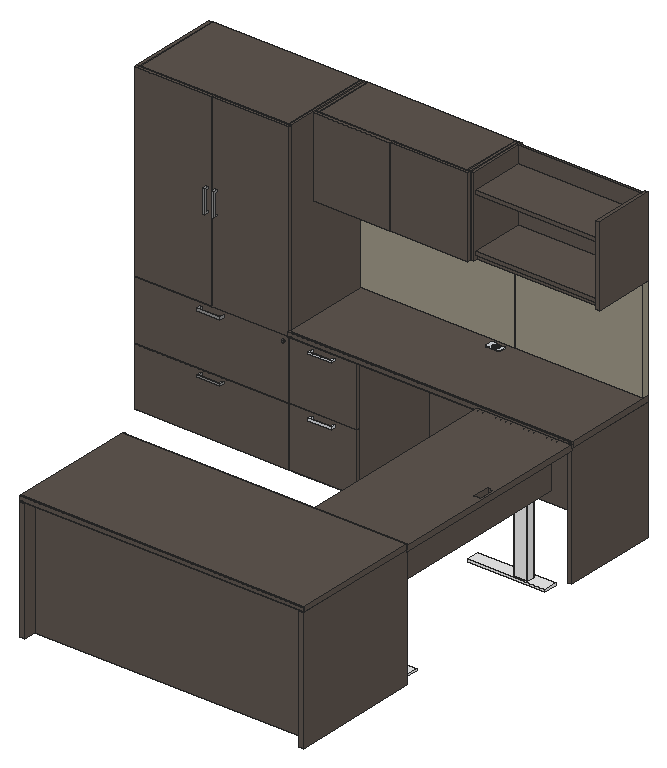
Revit family "T100257", category Furniture, Revit 2015
Parameters (values of type "T100257")
  URL = "https://ofs.com/"
  Manufacturer = "OFS"
  Description = "OFS TYPICAL T100257"
  Copyright © = "©OFS 2021"
  Catalog = "https://ofs.com/2020-experience"
  Authoring Version = "Autodesk Revit Architecture 2015"
  Assembly Code = "E2020400"
Reference planes (in)
  plane 1 "Center Front/Back": y = 0
  plane 2: z = 0
  plane 3 "Center Left/Right": x = 0
Dimensions and locks (in)
  aligned and locked: level to plane 2
Nested families (in)
  nested 1: "OFS ELEMENT OPEN L DESK LEFT AND RIGHT 84in Width 60in Return" at (102, 18.84375, 84), type "ELEMENT OPEN L DESK LEFT RETURN 84in Width 60in Return"
    with Right Desk Ovelay no, Left Desk Overlay no, Desk Overlay Option yes
  nested 2: "IMPULSE G2 HEIGHT ADJUSTABLE TABLE BRIDGES" at (66, 3, 0) x (0, -1, 0) z (0, 0, 1), type "Height Adjustable Table Desk 22x48"
    with Table Top Height 29 1/2", Modesty Option yes
  nested 3: "FIRST OFFICE-PULSE_STORAGE_WALLMNT_SHELF" at (51, 46, 0), type "PULSE-WALLMOUNT-SHELF_4-3019HSW"
  nested 4: "FIRST OFFICE-PULSE_STORAGE_WALLMNT_ORGANIZER_W-DOORS" at (18, 46, 0), type "PULSE-WALLMOUNT-ORGANIZER_4-3621HDW2"
    with 4 SOLID DRS no, 3 SOLID DRS no, 2 SOLID DRS yes
  nested 5: "FIRST OFFICE-PULSE_CREDENZA_SINGLE_PED_LEFT" at (33, 39, 0), type "PULSE_CREDENZA_SINGLE_PED_LEFT_4-6622FCRL"
    with TOP D SIZE yes, THICKNESS 1.188", CENTER GROMMET yes
  nested 6: "FIRST OFFICE-PULSE_DESK_SINGLE_PED_RIGHT" at (32.9048, -35.81953, 0) x (-1, 0, 0) z (0, 0, 1), type "PULSE_DESK_SNGL_PED_4-6630FRPD"
    with TOP D SIZE yes, THICKNESS 1.188"
  nested 7: "FIRST OFFICE-PULSE_TACKBOARDS_FOR_WALLMOUNT_ORGNZRS" at (19.00703, 40.24965, 0), type "PULSE_TACKBOARD_FOR_WALLMOUNT_FT2075"
  nested 8: "FIRST OFFICE-PULSE_TACKBOARDS_FOR_WALLMOUNT_ORGNZRS" at (52.00703, 40.24965, 0), type "PULSE_TACKBOARD_FOR_WALLMOUNT_FT2076"
  nested 9: "FIRST OFFICE-PULSE_STORAGE_CABINET_2-DOORS_LAT-FILE" at (-18, 46, 0), type "PULSE_STORAGE_CABINET_W-DOORS_LF_4-7236SCL"
Definition of nested family "IMPULSE G2 HEIGHT ADJUSTABLE TABLE BRIDGES"
  Parameters (values of type "Height Adjustable Table Desk 22x48")
    URL = "https://ofs.com/"
    Modesty Option [instance] = yes
    Model = "5-2248HAB"
    Leg Side Offset = 2 1/4"
    Leg Offset = 2"
    Leg Length = 18"
    Keynote = ""
    Height = 1 3/16"
    Foot Glide Material = none
    Flat Base Material = none
    Width = 48"
    Depth = 22"
    Manufacturer = "OFS"
    Description = "OFS IMPULSE G2 HEIGHT ADJUSTABLE TABLE BRIDGE, 48\" Width, 22\" Depth, Rectangular Top with Profile on User Side"
    Copyright © = "©OFS 2020"
    Top Surface Material = none
    Catalog = "https://ofs.com/products/casegoods/private-office/impulse-g2"
    Table Top Height [instance] = 29 1/2"
    Authoring Version = "Autodesk Revit Architecture 2015"
    Assembly Code = "E2020200"
  Types (3): name | Model | Width | Description
    (no name) | "5-2248HAB" | 48" | "OFS IMPULSE G2 HEIGHT ADJUSTABLE TABLE BRIDGE, 48\" Width, 22\" Depth, Rectangular Top with Profile on User Side"
    Height Adjustable Table Desk 22x42 | "5-2242HAB" | 42" | "OFS IMPULSE G2 HEIGHT ADJUSTABLE TABLE BRIDGE, 42\" Width, 22\" Depth, Rectangular Top with Profile on User Side"
    Height Adjustable Table Desk 22x48 | "5-2248HAB" | 48" | "OFS IMPULSE G2 HEIGHT ADJUSTABLE TABLE BRIDGE, 48\" Width, 22\" Depth, Rectangular Top with Profile on User Side"
  Reference planes (in)
    plane 1 "Center Front/Back": y = 0
    plane 2: z = 0
    plane 3 "Left/Right": x = 3
    plane 4: y = -22
    plane 5: x = -21
    plane 6: x = 27
    plane 7: z = 28.3125
    plane 8: z = 29.5
    plane 9: x = -18.75
    plane 10: x = -15.75
    plane 11: x = 24.75
    plane 12: x = 21.75
    plane 13: y = -2
    plane 14: y = -20
    plane 15: z = 27.34742
    plane 16: z = 26.50148
    plane 17: y = -4
    plane 18: y = -4.75
    plane 19: x = -20
    plane 20: x = 26
    plane 21: x = -18.25
    plane 22: x = 24.25
  Forms (in)
    Extrusion 1, solid, material <- "Top Surface Material"
      sketch origin (0, 0, 28.688) x (0, 1, 0) y (-1, 0, 0)
        loop
          line (0, 21) -> (-22, 21) -> (-22, -27) -> (0, -27) -> (0, 21)
      from -0.3755 to 0.812
    Extrusion 2, solid, material <- "Foot Glide Material"
      sketch origin (0, 0, 28.688) x (0, 1, 0) y (-1, 0, 0)
        loop
          circle (-3.3125, 17.25) r 0.6875
        loop
          circle (-18.6875, 17.25) r 0.6875
      from -28.688 to -28.233
    Extrusion 3, solid, material <- "Flat Base Material"
      sketch origin (0, 0, 28.688) x (0, 1, 0) y (-1, 0, 0)
        loop
          line (-2, 18.75) -> (-20, 18.75) -> (-20, 15.75) -> (-2, 15.75) -> (-2, 18.75)
      from -28.233 to -27.733
    Extrusion 4, solid, material <- "Foot Glide Material"
      sketch origin (6, 0, 28.688) x (0, 1, 0) y (-1, 0, 0)
        loop
          circle (-3.3125, -17.25) r 0.6875
        loop
          circle (-18.6875, -17.25) r 0.6875
      from -28.688 to -28.233
    Extrusion 5, solid, material <- "Flat Base Material"
      sketch origin (6, 0, 28.688) x (0, 1, 0) y (-1, 0, 0)
        loop
          line (-2, -18.75) -> (-2, -15.75) -> (-20, -15.75) -> (-20, -18.75) -> (-2, -18.75)
      from -28.233 to -27.733
    Extrusion 6, solid, material <- "Flat Base Material"
      sketch origin (12.13484, 0, 28.688) x (0, 1, 0) y (-1, 0, 0)
        loop
          line (-6.4252, -11.83662) -> (-6.4252, -10.11812)
          arc (-6.4252, -10.11812) -> (-6.46181, -10.02973) -> (-6.5502, -9.99312) r 0.125
          line (-6.5502, -9.99312) -> (-9.4498, -9.99312)
          arc (-9.4498, -9.99312) -> (-9.53819, -10.02973) -> (-9.5748, -10.11812) r 0.125
          line (-9.5748, -10.11812) -> (-9.5748, -11.83662)
          arc (-9.5748, -11.83662) -> (-9.53819, -11.92501) -> (-9.4498, -11.96162) r 0.125
          line (-9.4498, -11.96162) -> (-6.5502, -11.96162)
          arc (-6.5502, -11.96162) -> (-6.46181, -11.92501) -> (-6.4252, -11.83662) r 0.125
      from -27.733 to -2.18652
    Extrusion 7, solid, material <- "Flat Base Material"
      sketch origin (12.13484, 0, 28.688) x (0, 1, 0) y (-1, 0, 0)
        loop
          line (-6.09375, -11.78051) -> (-6.09375, -5.51675)
          arc (-6.09375, -5.51675) -> (-6.20119, -5.27063) -> (-6.45473, -5.1821) r 0.33561
          line (-6.45473, -5.1821) -> (-9.56496, -5.1821)
          arc (-9.56496, -5.1821) -> (-9.79716, -5.27288) -> (-9.90625, -5.49706) r 0.34239
          line (-9.90625, -5.49706) -> (-9.90625, -11.78051)
          arc (-9.90625, -11.78051) -> (-9.79881, -12.02663) -> (-9.54527, -12.11516) r 0.33561
          line (-9.54527, -12.11516) -> (-6.45473, -12.11516)
          arc (-6.45473, -12.11516) -> (-6.20861, -12.01863) -> (-6.09375, -11.78051) r 0.36201
      from -1.34058 to -0.3755
    Blend 8, solid, material <- "Flat Base Material"
      base sketch origin (12.13484, 0, 0) x (-1, 0, 0) y (0, -1, 0)
        loop
          arc (-11.83662, 9.5748) -> (-11.92501, 9.53819) -> (-11.96162, 9.4498) r 0.125
          line (-11.96162, 9.4498) -> (-11.96162, 6.5502)
          arc (-11.96162, 6.5502) -> (-11.92501, 6.46181) -> (-11.83662, 6.4252) r 0.125
          line (-11.83662, 6.4252) -> (-5.8071, 6.4252)
          arc (-5.8071, 6.4252) -> (-5.71871, 6.46181) -> (-5.6821, 6.5502) r 0.125
          line (-5.6821, 6.5502) -> (-5.6821, 9.4498)
          arc (-5.6821, 9.4498) -> (-5.71871, 9.53819) -> (-5.8071, 9.5748) r 0.125
          line (-5.8071, 9.5748) -> (-11.83662, 9.5748)
      top sketch origin (12.13484, 0, 0) x (-1, 0, 0) y (0, -1, 0)
        loop
          line (-11.78051, 6.09375) -> (-5.51675, 6.09375)
          arc (-5.51675, 6.09375) -> (-5.27063, 6.20119) -> (-5.1821, 6.45473) r 0.33561
          line (-5.1821, 6.45473) -> (-5.1821, 9.56496)
          arc (-5.1821, 9.56496) -> (-5.27288, 9.79716) -> (-5.49706, 9.90625) r 0.34239
          line (-5.49706, 9.90625) -> (-11.78051, 9.90625)
          arc (-11.78051, 9.90625) -> (-12.02663, 9.79881) -> (-12.11516, 9.54527) r 0.33561
          line (-12.11516, 9.54527) -> (-12.11516, 6.45473)
          arc (-12.11516, 6.45473) -> (-12.01863, 6.20861) -> (-11.78051, 6.09375) r 0.36201
      from 26.50148 to 27.34742
    Extrusion 9, solid, material <- "Flat Base Material"
      sketch origin (12.13484, 13.5, 0) x (1, 0, 0) y (0, 0, -1)
        loop
          line (12.11516, -28.3125) -> (13.36516, -28.3125) -> (13.36516, -28.1875) -> (12.24016, -28.1875) -> (12.24016, -27.0625) -> (12.11516, -27.0625) -> (12.11516, -28.3125)
      from -23.13999 to -19.99039
    Extrusion 10, void
      sketch origin (0, 0, 28.688) x (0, 1, 0) y (-1, 0, 0)
        loop
          line (-2, -1) -> (-2, -5) -> (-0.5, -5) -> (-0.5, -1) -> (-2, -1)
      from -6.62842 to 3.49565
    Extrusion 11, solid, material <- "Flat Base Material", not visible
      sketch origin (0, -4, 28.688) x (0, -1, 0) y (1, 0, 0)
        loop
          line (6.4252, 24.1063) -> (6.4252, 22.3878)
          arc (6.4252, 22.3878) -> (6.46181, 22.29941) -> (6.5502, 22.2628) r 0.125
          line (6.5502, 22.2628) -> (9.4498, 22.2628)
          arc (9.4498, 22.2628) -> (9.53819, 22.29941) -> (9.5748, 22.3878) r 0.125
          line (9.5748, 22.3878) -> (9.5748, 24.1063)
          arc (9.5748, 24.1063) -> (9.53819, 24.19469) -> (9.4498, 24.2313) r 0.125
          line (9.4498, 24.2313) -> (6.5502, 24.2313)
          arc (6.5502, 24.2313) -> (6.46181, 24.19469) -> (6.4252, 24.1063) r 0.125
      from -27.733 to -2.18652
    Extrusion 12, solid, material <- "Flat Base Material", not visible
      sketch origin (0, -4, 28.688) x (0, -1, 0) y (1, 0, 0)
        loop
          line (6.09375, 24.0502) -> (6.09375, 17.78643)
          arc (6.09375, 17.78643) -> (6.20119, 17.54031) -> (6.45473, 17.45178) r 0.33561
          line (6.45473, 17.45178) -> (9.56496, 17.45178)
          arc (9.56496, 17.45178) -> (9.79716, 17.54256) -> (9.90625, 17.76674) r 0.34239
          line (9.90625, 17.76674) -> (9.90625, 24.0502)
          arc (9.90625, 24.0502) -> (9.79881, 24.29631) -> (9.54527, 24.38484) r 0.33561
          line (9.54527, 24.38484) -> (6.45473, 24.38484)
          arc (6.45473, 24.38484) -> (6.20861, 24.28831) -> (6.09375, 24.0502) r 0.36201
      from -1.34058 to -0.3755
    Blend 13, solid, material <- "Flat Base Material", not visible
      base sketch origin (0, -4, 0) x (1, 0, 0) y (0, 1, 0)
        loop
          arc (24.1063, -9.5748) -> (24.19469, -9.53819) -> (24.2313, -9.4498) r 0.125
          line (24.2313, -9.4498) -> (24.2313, -6.5502)
          arc (24.2313, -6.5502) -> (24.19469, -6.46181) -> (24.1063, -6.4252) r 0.125
          line (24.1063, -6.4252) -> (18.07678, -6.4252)
          arc (18.07678, -6.4252) -> (17.98839, -6.46181) -> (17.95178, -6.5502) r 0.125
          line (17.95178, -6.5502) -> (17.95178, -9.4498)
          arc (17.95178, -9.4498) -> (17.98839, -9.53819) -> (18.07678, -9.5748) r 0.125
          line (18.07678, -9.5748) -> (24.1063, -9.5748)
      top sketch origin (0, -4, 0) x (1, 0, 0) y (0, 1, 0)
        loop
          line (24.0502, -6.09375) -> (17.78643, -6.09375)
          arc (17.78643, -6.09375) -> (17.54031, -6.20119) -> (17.45178, -6.45473) r 0.33561
          line (17.45178, -6.45473) -> (17.45178, -9.56496)
          arc (17.45178, -9.56496) -> (17.54256, -9.79716) -> (17.76674, -9.90625) r 0.34239
          line (17.76674, -9.90625) -> (24.0502, -9.90625)
          arc (24.0502, -9.90625) -> (24.29631, -9.79881) -> (24.38484, -9.54527) r 0.33561
          line (24.38484, -9.54527) -> (24.38484, -6.45473)
          arc (24.38484, -6.45473) -> (24.28831, -6.20861) -> (24.0502, -6.09375) r 0.36201
      from 26.50148 to 27.34742
    Extrusion 14, solid, material <- "Flat Base Material", not visible
      sketch origin (0, -17.5, 0) x (-1, 0, 0) y (0, 0, -1)
        loop
          line (-24.38484, -28.3125) -> (-24.38484, -27.0625) -> (-24.50984, -27.0625) -> (-24.50984, -28.1875) -> (-25.63484, -28.1875) -> (-25.63484, -28.3125) -> (-24.38484, -28.3125)
      from -23.13999 to -19.99039
    Extrusion 15, solid, material <- "Flat Base Material"
      sketch origin (6.13484, 0, 28.688) x (0, 1, 0) y (-1, 0, 0)
        loop
          arc (-6.4252, 24.1063) -> (-6.46181, 24.19469) -> (-6.5502, 24.2313) r 0.125
          line (-6.5502, 24.2313) -> (-9.4498, 24.2313)
          arc (-9.4498, 24.2313) -> (-9.53819, 24.19469) -> (-9.5748, 24.1063) r 0.125
          line (-9.5748, 24.1063) -> (-9.5748, 22.3878)
          arc (-9.5748, 22.3878) -> (-9.53819, 22.29941) -> (-9.4498, 22.2628) r 0.125
          line (-9.4498, 22.2628) -> (-6.5502, 22.2628)
          arc (-6.5502, 22.2628) -> (-6.46181, 22.29941) -> (-6.4252, 22.3878) r 0.125
          line (-6.4252, 22.3878) -> (-6.4252, 24.1063)
      from -27.733 to -2.18652
    Extrusion 16, solid, material <- "Flat Base Material"
      sketch origin (6.13484, 0, 28.688) x (0, 1, 0) y (-1, 0, 0)
        loop
          arc (-6.09375, 24.0502) -> (-6.20861, 24.28831) -> (-6.45473, 24.38484) r 0.36201
          line (-6.45473, 24.38484) -> (-9.54527, 24.38484)
          arc (-9.54527, 24.38484) -> (-9.79881, 24.29631) -> (-9.90625, 24.0502) r 0.33561
          line (-9.90625, 24.0502) -> (-9.90625, 17.76674)
          arc (-9.90625, 17.76674) -> (-9.79716, 17.54256) -> (-9.56496, 17.45178) r 0.34239
          line (-9.56496, 17.45178) -> (-6.45473, 17.45178)
          arc (-6.45473, 17.45178) -> (-6.20119, 17.54031) -> (-6.09375, 17.78643) r 0.33561
          line (-6.09375, 17.78643) -> (-6.09375, 24.0502)
      from -1.34058 to -0.3755
    Blend 17, solid, material <- "Flat Base Material"
      base sketch origin (6.13484, 0, 0) x (-1, 0, 0) y (0, -1, 0)
        loop
          line (24.1063, 9.5748) -> (18.07678, 9.5748)
          arc (18.07678, 9.5748) -> (17.98839, 9.53819) -> (17.95178, 9.4498) r 0.125
          line (17.95178, 9.4498) -> (17.95178, 6.5502)
          arc (17.95178, 6.5502) -> (17.98839, 6.46181) -> (18.07678, 6.4252) r 0.125
          line (18.07678, 6.4252) -> (24.1063, 6.4252)
          arc (24.1063, 6.4252) -> (24.19469, 6.46181) -> (24.2313, 6.5502) r 0.125
          line (24.2313, 6.5502) -> (24.2313, 9.4498)
          arc (24.2313, 9.4498) -> (24.19469, 9.53819) -> (24.1063, 9.5748) r 0.125
      top sketch origin (6.13484, 0, 0) x (-1, 0, 0) y (0, -1, 0)
        loop
          arc (24.0502, 6.09375) -> (24.28831, 6.20861) -> (24.38484, 6.45473) r 0.36201
          line (24.38484, 6.45473) -> (24.38484, 9.54527)
          arc (24.38484, 9.54527) -> (24.29631, 9.79881) -> (24.0502, 9.90625) r 0.33561
          line (24.0502, 9.90625) -> (17.76674, 9.90625)
          arc (17.76674, 9.90625) -> (17.54256, 9.79716) -> (17.45178, 9.56496) r 0.34239
          line (17.45178, 9.56496) -> (17.45178, 6.45473)
          arc (17.45178, 6.45473) -> (17.54031, 6.20119) -> (17.78643, 6.09375) r 0.33561
          line (17.78643, 6.09375) -> (24.0502, 6.09375)
      from 26.50148 to 27.34742
    Extrusion 18, solid, material <- "Flat Base Material"
      sketch origin (6.13484, 13.5, 0) x (1, 0, 0) y (0, 0, -1)
        loop
          line (-24.38484, -28.3125) -> (-24.38484, -27.0625) -> (-24.50984, -27.0625) -> (-24.50984, -28.1875) -> (-25.63484, -28.1875) -> (-25.63484, -28.3125) -> (-24.38484, -28.3125)
      from -23.13999 to -19.99039
    Extrusion 19, solid, material <- "Top Surface Material", visible <- "Modesty Option"
      sketch origin (-80, 0, 0) x (0, 1, 0) y (0, 0, 1)
        loop
          line (-4, 28.3125) -> (-4.75, 28.3125) -> (-4.75, 18.92236) -> (-4, 18.92236) -> (-4, 28.3125)
      from 60 to 106
  Cuts and joins
    Extrusion 10 cuts Extrusion 1
  Dimensions and locks (in)
    "Depth": plane 4 to plane 1 "Center Front/Back"
    equal spacing: plane 5, plane 3 "Left/Right", plane 6
    "Width": plane 5 to plane 6
    "Table Top Height": plane 8 to level
    "Height": plane 8 to plane 7
    Extrusion 2 to plane 7 = 27.8575"
    locked: plane 7 to plane 15 at 0.96508
    locked: plane 15 to plane 16 at 0.84594
    "Leg Offset": plane 1 "Center Front/Back" to plane 13
    "Leg Length": plane 13 to plane 14
    locked: plane 9 to plane 10 at 3
    locked: plane 12 to plane 11 at 3
    "Leg Side Offset": plane 5 to plane 9
    "Leg Side Offset": plane 11 to plane 6
    plane 18 to plane 17 to plane 1 "Center Front/Back" = 3/4" locked, 4"
    locked: plane 20 to plane 6 at 1
    locked: plane 5 to plane 21 at 2.75
    locked: plane 6 to plane 22 at 2.75
    locked: plane 5 to plane 19 at 1
    aligned and locked: level to plane 2
    aligned and locked: plane 6 to Extrusion 1 sketch curve
    aligned and locked: Extrusion 1 sketch curve to plane 5
    aligned and locked: plane 1 "Center Front/Back" to Extrusion 1 sketch curve
    aligned and locked: Extrusion 1 sketch curve to plane 4
    aligned and locked: Extrusion 1 to plane 7
    aligned and locked: plane 8 to Extrusion 1
    aligned and locked: Extrusion 3 sketch curve to plane 13
    aligned and locked: Extrusion 3 sketch curve to plane 9
    aligned and locked: plane 14 to Extrusion 3 sketch curve
    aligned and locked: plane 10 to Extrusion 3 sketch curve
    aligned and locked: Extrusion 2 to level
    aligned and locked: plane 7 to Extrusion 7
    aligned and locked: plane 16 to Blend 8
    aligned and locked: plane 15 to Blend 8
    aligned and locked: Extrusion 7 to plane 15
    aligned and locked: plane 16 to Extrusion 6
    aligned and locked: plane 21 to Extrusion 18
    aligned and locked: Extrusion 9 to plane 22
    aligned and locked: Extrusion 19 sketch curve to plane 17
    aligned and locked: plane 18 to Extrusion 19 sketch curve
    aligned and locked: Extrusion 19 sketch curve to plane 7
    aligned and locked: Extrusion 19 to plane 19
    aligned and locked: plane 20 to Extrusion 19
  Automatic sketch dimensions
    plane 14 to Extrusion 2 sketch curve = 1 5/16"
    Extrusion 2 sketch curve to plane 13 = 1 5/16"
    Extrusion 2 sketch curve to plane 9 = 1 1/2"  (x2)
    plane 14 to Extrusion 4 sketch curve = 1 5/16"
    Extrusion 4 sketch curve to plane 13 = 1 5/16"
    Extrusion 4 sketch curve to plane 11 = 1 1/2"  (x2)
    Extrusion 5 sketch curve to plane 11 = 0"
    Extrusion 5 sketch curve to plane 14 = 0"
    Extrusion 5 sketch curve to plane 13 = 0"
    Extrusion 5 sketch curve to plane 12 = 0"
    Extrusion 6 sketch curve to Extrusion 6 sketch curve = 1/8"  (x3)
    Extrusion 6 sketch curve to Extrusion 6 sketch curve = 2.8996"
    Extrusion 6 sketch curve to Extrusion 6 sketch curve = 0"
    Extrusion 7 sketch curve to Extrusion 7 sketch curve = 0.34129"
    Extrusion 7 sketch curve to Extrusion 7 sketch curve = 0.36098"  (x2)
    Extrusion 7 sketch curve to Extrusion 7 sketch curve = 3.11023"
    Extrusion 7 sketch curve to Extrusion 7 sketch curve = 3.45152"
    Extrusion 7 sketch curve to Extrusion 7 sketch curve = 0"  (x3)
    Extrusion 7 sketch curve to Extrusion 7 sketch curve = 0.02537"  (x2)
    Extrusion 7 sketch curve to Extrusion 7 sketch curve = 0.31496"
    Blend 8 sketch curve to Blend 8 sketch curve = 1/8"  (x3)
    Blend 8 sketch curve to Blend 8 sketch curve = 0"
    Blend 8 sketch curve to Blend 8 sketch curve = 2.8996"
    Blend 8 sketch curve to Blend 8 sketch curve = 0.33464"
    Blend 8 sketch curve to Blend 8 sketch curve = 0.01968"
    Blend 8 sketch curve to Blend 8 sketch curve = 0.33465"  (x2)
    Blend 8 sketch curve to Blend 8 sketch curve = 0.36201"
    Blend 8 sketch curve to Blend 8 sketch curve = 0.34239"
    Blend 8 sketch curve to Blend 8 sketch curve = 0.36098"
    Blend 8 sketch curve to Blend 8 sketch curve = 3.11023"
    Blend 8 sketch curve to Blend 8 sketch curve = 3.09055"
    Extrusion 9 sketch curve to Extrusion 9 sketch curve = 1/8"  (x2)
    Extrusion 9 sketch curve to Extrusion 9 sketch curve = 1 1/8"  (x2)
    Extrusion 10 sketch curve to plane 13 = 0"
    plane 3 "Left/Right" to Extrusion 10 sketch curve = 2"
    Extrusion 10 sketch curve to plane 3 "Left/Right" = 2"
    Extrusion 10 sketch curve to Extrusion 10 sketch curve = 1 1/2"
    Extrusion 6 sketch curve to Extrusion 6 sketch curve = 1.7185"
    Extrusion 7 sketch curve to Extrusion 7 sketch curve = 0.33464"
    Extrusion 7 sketch curve to Extrusion 7 sketch curve = 6.25602"
    Blend 8 sketch curve to Blend 8 sketch curve = 6.02951"
    Blend 8 sketch curve to Blend 8 sketch curve = 6.25602"
    Extrusion 11 sketch curve to Extrusion 11 sketch curve = 1/8"  (x3)
    Extrusion 11 sketch curve to Extrusion 11 sketch curve = 2.8996"
    Extrusion 11 sketch curve to Extrusion 11 sketch curve = 0"
    Extrusion 12 sketch curve to Extrusion 12 sketch curve = 0.34129"
    Extrusion 12 sketch curve to Extrusion 12 sketch curve = 0.36098"  (x2)
    Extrusion 12 sketch curve to Extrusion 12 sketch curve = 3.11023"
    Extrusion 12 sketch curve to Extrusion 12 sketch curve = 3.45152"
    Extrusion 12 sketch curve to Extrusion 12 sketch curve = 0"  (x3)
    Extrusion 12 sketch curve to Extrusion 12 sketch curve = 0.02537"  (x2)
    Extrusion 12 sketch curve to Extrusion 12 sketch curve = 0.31496"
    Blend 13 sketch curve to Blend 13 sketch curve = 1/8"  (x3)
    Blend 13 sketch curve to Blend 13 sketch curve = 0"
    Blend 13 sketch curve to Blend 13 sketch curve = 2.8996"
    Blend 13 sketch curve to Blend 13 sketch curve = 0.33464"
    Blend 13 sketch curve to Blend 13 sketch curve = 0.01968"
    Blend 13 sketch curve to Blend 13 sketch curve = 0.33465"  (x2)
    Blend 13 sketch curve to Blend 13 sketch curve = 0.36201"
    Blend 13 sketch curve to Blend 13 sketch curve = 0.34239"
    Blend 13 sketch curve to Blend 13 sketch curve = 0.36098"
    Blend 13 sketch curve to Blend 13 sketch curve = 3.11023"
    Blend 13 sketch curve to Blend 13 sketch curve = 3.09055"
    Extrusion 14 sketch curve to Extrusion 14 sketch curve = 1/8"  (x2)
    Extrusion 14 sketch curve to Extrusion 14 sketch curve = 1 1/8"  (x2)
    Extrusion 11 sketch curve to Extrusion 11 sketch curve = 1.7185"
    Extrusion 12 sketch curve to Extrusion 12 sketch curve = 0.33464"
    Extrusion 12 sketch curve to Extrusion 12 sketch curve = 6.25602"
    Blend 13 sketch curve to Blend 13 sketch curve = 6.02951"
    Blend 13 sketch curve to Blend 13 sketch curve = 6.25602"
    Extrusion 15 sketch curve to Extrusion 15 sketch curve = 1/8"  (x3)
    Extrusion 15 sketch curve to Extrusion 15 sketch curve = 2.8996"
    Extrusion 15 sketch curve to Extrusion 15 sketch curve = 0"
    Extrusion 16 sketch curve to Extrusion 16 sketch curve = 0.34129"
    Extrusion 16 sketch curve to Extrusion 16 sketch curve = 0.36098"  (x2)
    Extrusion 16 sketch curve to Extrusion 16 sketch curve = 3.11023"
    Extrusion 16 sketch curve to Extrusion 16 sketch curve = 3.45152"
    Extrusion 16 sketch curve to Extrusion 16 sketch curve = 0"  (x3)
    Extrusion 16 sketch curve to Extrusion 16 sketch curve = 0.02537"  (x2)
    Extrusion 16 sketch curve to Extrusion 16 sketch curve = 0.31496"
    Blend 17 sketch curve to Blend 17 sketch curve = 1/8"  (x3)
    Blend 17 sketch curve to Blend 17 sketch curve = 0"
    Blend 17 sketch curve to Blend 17 sketch curve = 2.8996"
    Blend 17 sketch curve to Blend 17 sketch curve = 0.33464"
    Blend 17 sketch curve to Blend 17 sketch curve = 0.01968"
    Blend 17 sketch curve to Blend 17 sketch curve = 0.33465"  (x2)
    Blend 17 sketch curve to Blend 17 sketch curve = 0.36201"
    Blend 17 sketch curve to Blend 17 sketch curve = 0.34239"
    Blend 17 sketch curve to Blend 17 sketch curve = 0.36098"
    Blend 17 sketch curve to Blend 17 sketch curve = 3.11023"
    Blend 17 sketch curve to Blend 17 sketch curve = 3.09055"
    Extrusion 18 sketch curve to Extrusion 18 sketch curve = 1/8"  (x2)
    Extrusion 18 sketch curve to Extrusion 18 sketch curve = 1 1/8"  (x2)
    Extrusion 15 sketch curve to Extrusion 15 sketch curve = 1.7185"
    Extrusion 16 sketch curve to Extrusion 16 sketch curve = 0.33464"
    Extrusion 16 sketch curve to Extrusion 16 sketch curve = 6.25602"
    Blend 17 sketch curve to Blend 17 sketch curve = 6.02951"
    Blend 17 sketch curve to Blend 17 sketch curve = 6.25602"
    Extrusion 19 sketch curve to plane 16 = 7.57912"
    radius of Extrusion 2 sketch curve = 11/16"  (x2)
    radius of Extrusion 4 sketch curve = 11/16"  (x2)
Definition of nested family "FIRST OFFICE-PULSE_STORAGE_WALLMNT_SHELF"
  Parameters (values of type "PULSE-WALLMOUNT-SHELF_4-3019HSW")
    VERTICAL PLANKS = none
    URL = "http://www.firstoffice.com/products/casegoods/pulse"
    TOP/BOTTOM = none
    SHELF = none
    Manufacturer = "FIRST OFFICE-PULSE"
    MODEL NUMBER = "4-3019HSW"
    MANUFACTURERS' CODE = "FOF"
    ENVIRONMENT = "http://www.firstoffice.com/information/environment"
    Description = "PULSE WALLMOUNT SHELF 30X19"
    CATALOG CODE = "FOF"
    ORGNZR WIDTH = 30"
  Types (4): name | MODEL NUMBER | Description | ORGNZR WIDTH
    (no name) | "4-3019HSW" | "PULSE WALLMOUNT SHELF 30X19" | 30"
    PULSE-WALLMOUNT-SHELF_4-3019HSW | "4-3019HSW" | "PULSE WALLMOUNT SHELF 30X19" | 30"
    PULSE-WALLMOUNT-SHELF_4-3619HSW | "4-3619HSW" | "PULSE WALLMOUNT SHELF 36X19" | 36"
    PULSE-WALLMOUNT-SHELF_4-4219HSW | "4-4219HSW" | "PULSE WALLMOUNT SHELF 42X19" | 42"
  Reference planes (in)
    plane 1 "BACK": y = 0
    plane 2: z = 0
    plane 3 "Center Left/Right": x = 0
    plane 4 "LEFT": x = -15
    plane 5 "RIGHT": x = 15
    plane 6 "FRONT": y = -14
    plane 7: z = 55.25
    plane 8: z = 72.5
    plane 9: y = -0.563
    plane 10: y = -1.063
    plane 11: z = 56
    plane 12: x = -14.25
    plane 13: x = 14.25
    plane 14: x = -4.979
    plane 15: x = 4.979
    plane 16: x = -14.937
    plane 17: x = 14.937
    plane 18: z = 54
    plane 19: y = -13.812
    plane 20: z = 68
    plane 21: z = 68.75
    plane 22: x = 4.604
    plane 23: x = 5.354
    plane 24: x = -0.375
    plane 25: x = 0.375
    plane 26: x = -5.354
    plane 27: x = -4.604
  Forms (in)
    Extrusion 1, solid, material <- "TOP/BOTTOM"
      sketch origin (0, 0, 15.705) x (1, 0, 0) y (0, 0, 1)
        loop
          line (-14.25, 40.295) -> (-14.25, 39.545) -> (14.25, 39.545) -> (14.25, 40.295) -> (-14.25, 40.295)
      from 1.063 to 13.812
    Extrusion 2, solid, material <- "VERTICAL PLANKS"
      sketch origin (-30, -0.03363, 34.9656) x (0, 1, 0) y (0, 0, 1)
        loop
          line (0.03363, 37.5344) -> (-13.96637, 37.5344) -> (-13.96637, 19.0344) -> (0.03363, 19.0344) -> (0.03363, 37.5344)
      from 15 to 15.75
    Extrusion 3, solid, material <- "VERTICAL PLANKS"
      sketch origin (24, 0, 34.705) x (0, 1, 0) y (0, 0, -1)
        loop
          line (0, -37.795) -> (0, -19.295) -> (-14, -19.295) -> (-14, -37.795) -> (0, -37.795)
      from 9 to 9.75
    Extrusion 4, solid, material <- "VERTICAL PLANKS"
      sketch origin (0, 0, 34.705) x (1, 0, 0) y (0, 0, 1)
        loop
          line (-14.25, 37.795) -> (-14.25, 19.295) -> (14.25, 19.295) -> (14.25, 37.795) -> (-14.25, 37.795)
      from 0.563 to 1.063
    Extrusion 5, solid, material <- "SHELF"
      sketch origin (9.5, 0, 29.799) x (1, 0, 0) y (0, 0, 1)
        loop
          line (-23.75, 38.951) -> (-23.75, 38.201) -> (4.75, 38.201) -> (4.75, 38.951) -> (-23.75, 38.951)
      from 1.063 to 13.812
    Extrusion 6, solid, material <- "TOP/BOTTOM"
      sketch origin (0, 0, 0.062) x (0, 1, 0) y (0, 0, 1)
        loop
          line (-13.062, 55.188) -> (-13.062, 53.938) -> (-12.312, 53.938) -> (-12.312, 55.188) -> (-13.062, 55.188)
      from -14.25 to 14.25
  Lines and regions (in)
    Masking region 1
      outline origin (0, 0, 0) x (1, 0, 0) y (0, 1, 0)
        loop
          line (-15, 0) -> (-15, -14) -> (15, -14) -> (15, 0) -> (-15, 0)
    Masking region 2
      outline origin (0, 0, 0) x (1, 0, 0) y (0, 1, 0)
        loop
          line (-15, 0) -> (-15, -14) -> (15, -14) -> (15, 0) -> (-15, 0)
  Dimensions and locks (in)
    "ORGNZR WIDTH": plane 4 "LEFT" to plane 5 "RIGHT"
    locked: plane 4 "LEFT" to plane 16 at 0.063
    locked: plane 4 "LEFT" to plane 12 at 0.75
    locked: plane 17 to plane 5 "RIGHT" at 0.063
    locked: plane 13 to plane 5 "RIGHT" at 0.75
    locked: plane 8 to plane 18 at 18.5
    equal spacing: plane 4 "LEFT", plane 3 "Center Left/Right", plane 5 "RIGHT"
    equal spacing: plane 16, plane 14, plane 15, plane 17
    plane 26 to plane 14 to plane 27 = 3/8" locked, 3/8" locked
    plane 24 to plane 3 "Center Left/Right" to plane 25 = 3/8" locked, 3/8" locked
    plane 22 to plane 15 to plane 23 = 3/8" locked, 3/8" locked
    locked: plane 20 to plane 11 at 12
    plane 11 to plane 7 to plane 18 = 3/4" locked, 1 1/4" locked
    locked: plane 21 to plane 20 at 0.75
    aligned and locked: Extrusion 1 sketch curve to plane 7
    aligned: Extrusion 1 to plane 1 "BACK"
    aligned: plane 6 "FRONT" to Extrusion 1
    aligned and locked: Masking region 1 sketch curve to plane 4 "LEFT"
    aligned and locked: plane 5 "RIGHT" to Masking region 1 sketch curve
    aligned and locked: plane 6 "FRONT" to Extrusion 2
    aligned and locked: plane 6 "FRONT" to Extrusion 3
    aligned and locked: Extrusion 4 to plane 9
    aligned and locked: plane 12 to Extrusion 2
    aligned and locked: Extrusion 4 to plane 12
    aligned and locked: Extrusion 4 to plane 13
    aligned and locked: plane 5 "RIGHT" to Extrusion 3
    aligned and locked: plane 13 to Extrusion 3
    aligned: plane 11 to Extrusion 1
    aligned: Extrusion 2 to plane 11
    aligned: Extrusion 3 to plane 11
    aligned: Extrusion 4 to plane 11
    aligned and locked: plane 8 to Extrusion 2
    aligned and locked: plane 8 to Extrusion 3
    aligned: Extrusion 1 to plane 10
    aligned and locked: plane 10 to Extrusion 4
    aligned and locked: Extrusion 2 to plane 4 "LEFT"
    aligned and locked: Extrusion 1 sketch curve to plane 12
    aligned and locked: Extrusion 1 sketch curve to plane 13
    aligned and locked: Extrusion 2 to plane 18
    aligned and locked: Extrusion 3 to plane 18
    aligned and locked: Extrusion 2 sketch curve to plane 1 "BACK"
    aligned and locked: plane 19 to Extrusion 1
    aligned and locked: Extrusion 1 to plane 10
    aligned and locked: Extrusion 5 to plane 12
    aligned and locked: Extrusion 5 to plane 13
    aligned and locked: Extrusion 6 to plane 12
    aligned and locked: Extrusion 6 to plane 13
    aligned and locked: plane 8 to Extrusion 4
  Automatic sketch dimensions
    Extrusion 1 sketch curve to plane 11 = 0"
    plane 6 "FRONT" to Masking region 1 sketch curve = 0"
    plane 1 "BACK" to Masking region 1 sketch curve = 0"
    Extrusion 2 sketch curve to plane 6 "FRONT" = 0"
    Extrusion 2 sketch curve to plane 18 = 0"
    Extrusion 2 sketch curve to plane 8 = 0"
    Extrusion 3 sketch curve to plane 6 "FRONT" = 0"
    Extrusion 3 sketch curve to plane 1 "BACK" = 0"
    Extrusion 3 sketch curve to plane 8 = 0"
    Extrusion 3 sketch curve to plane 18 = 0"
    Extrusion 4 sketch curve to plane 12 = 0"
    plane 13 to Extrusion 4 sketch curve = 0"
    Extrusion 4 sketch curve to plane 18 = 0"
    Masking region 2 sketch curve to plane 4 "LEFT" = 0"
    plane 1 "BACK" to Masking region 2 sketch curve = 0"
    Masking region 2 sketch curve to plane 5 "RIGHT" = 0"
    plane 6 "FRONT" to Masking region 2 sketch curve = 0"
    Extrusion 5 sketch curve to plane 20 = 0"
    Extrusion 5 sketch curve to plane 21 = 0"
    plane 12 to Extrusion 5 sketch curve = 0"
    plane 23 to Extrusion 5 sketch curve = 8.896"
    Extrusion 6 sketch curve to plane 6 "FRONT" = 0.938"
    Extrusion 6 sketch curve to plane 18 = 0"
    Extrusion 6 sketch curve to plane 7 = 0"
    Extrusion 6 sketch curve to plane 19 = 1 1/2"
    Extrusion 4 sketch curve to plane 8 = 0"
Definition of nested family "FIRST OFFICE-PULSE_STORAGE_WALLMNT_ORGANIZER_W-DOORS"
  Parameters (values of type "PULSE-WALLMOUNT-ORGANIZER_4-3621HDW2")
    WOOD FRAMED DOORS = none
    VERTICAL PLANKS = none
    URL = "http://www.firstoffice.com/products/casegoods/pulse"
    TOP/BOTTOM = none
    SOLID DOORS = none
    Manufacturer = "FIRST OFFICE-PULSE"
    MODEL NUMBER = "4-3621HDW2"
    MANUFACTURERS' CODE = "FOF"
    ENVIRONMENT = "http://www.firstoffice.com/information/environment"
    Description = "PULSE WALLMNT ORGANZR 2 DOORS 36X21"
    2 SOLID DRS [instance] = yes
    3 SOLID DRS [instance] = no
    4 SOLID DRS [instance] = no
    CATALOG CODE = "FOF"
    ORGNZR WIDTH = 36"
  Types (9): name | MODEL NUMBER | Description | 2 SOLID DRS | 3 SOLID DRS | 4 SOLID DRS | ORGNZR WIDTH
    (no name) | "4-3621HDW2" | "PULSE WALLMNT ORGANZR 2 DOORS 36X21" | yes | no | no | 36"
    PULSE-WALLMOUNT-ORGANIZER_4-3021HDW2 | "4-3021HDW2" | "PULSE WALLMNT ORGANZR 2 DOORS 30X21" | yes | no | no | 30"
    PULSE-WALLMOUNT-ORGANIZER_4-3621HDW2 | "4-3621HDW2" | "PULSE WALLMNT ORGANZR 2 DOORS 36X21" | yes | no | no | 36"
    PULSE-WALLMOUNT-ORGANIZER_4-4221HDW2 | "4-4221HDW2" | "PULSE WALLMNT ORGANZR 2 DOORS 42X21" | yes | no | no | 42"
    PULSE-WALLMOUNT-ORGANIZER_4-4821HDW3 | "4-4821HDW3" | "PULSE WALLMNT ORGANZR 3 DOORS 48X21" | no | yes | no | 48"
    PULSE-WALLMOUNT-ORGANIZER_4-5421HDW4 | "4-5421HDW4" | "PULSE WALLMNT ORGANZR 4 DOORS 54X21" | no | no | yes | 54"
    PULSE-WALLMOUNT-ORGANIZER_4-6021HDW4 | "4-6021HDW4" | "PULSE WALLMNT ORGANZR 4 DOORS 60X21" | no | no | yes | 60"
    PULSE-WALLMOUNT-ORGANIZER_4-6621HDW4 | "4-6621HDW4" | "PULSE WALLMNT ORGANZR 4 DOORS 66X21" | no | no | yes | 66"
    PULSE-WALLMOUNT-ORGANIZER_4-7221HDW4 | "4-7221HDW4" | "PULSE WALLMNT ORGANZR 4 DOORS 72X21" | no | no | yes | 72"
  Reference planes (in)
    plane 1 "BACK": y = 0
    plane 2: z = 0
    plane 3 "Center Left/Right": x = 0
    plane 4 "LEFT": x = -18
    plane 5 "RIGHT": x = 18
    plane 6 "FRONT": y = -14
    plane 7: z = 55.25
    plane 8: z = 72.5
    plane 9: y = -0.563
    plane 10: y = -1.313
    plane 11: z = 56
    plane 12: z = 71.75
    plane 13: x = -17.25
    plane 14: x = 17.25
    plane 15: x = -5.979
    plane 16: x = -8.9685
    plane 17: x = 8.9685
    plane 18: x = 5.979
    plane 19: x = 0.063
    plane 20: x = -17.937
    plane 21: x = -5.916
    plane 22: x = -8.9055
    plane 23: x = 9.0315
    plane 24: x = 6.042
    plane 25: x = -0.063
    plane 26: x = 17.937
    plane 27: x = -6.042
    plane 28: x = -9.0315
    plane 29: x = 8.9055
    plane 30: x = 5.916
    plane 31: y = -14.75
    plane 32: z = 72.437
    plane 33: z = 54
  Forms (in)
    Extrusion 1, solid, material <- "TOP/BOTTOM"
      sketch origin (0, 0, 15.705) x (1, 0, 0) y (0, 0, 1)
        loop
          line (-17.25, 40.295) -> (-17.25, 39.545) -> (17.25, 39.545) -> (17.25, 40.295) -> (-17.25, 40.295)
      from 1.313 to 14
    Extrusion 2, solid, material <- "TOP/BOTTOM"
      sketch origin (0, 0, 29.08) x (1, 0, 0) y (0, 0, 1)
        loop
          line (-17.25, 43.42) -> (-17.25, 42.67) -> (17.25, 42.67) -> (17.25, 43.42) -> (-17.25, 43.42)
      from 0 to 14
    Extrusion 3, solid, material <- "VERTICAL PLANKS"
      sketch origin (-30, -0.03363, 34.9656) x (0, 1, 0) y (0, 0, 1)
        loop
          line (0, 37.5344) -> (-13.96637, 37.5344) -> (-13.96637, 19.0344) -> (0, 19.0344) -> (0, 37.5344)
      from 12 to 12.75
    Extrusion 4, solid, material <- "VERTICAL PLANKS"
      sketch origin (24, 0, 34.705) x (0, 1, 0) y (0, 0, -1)
        loop
          line (0, -37.795) -> (0, -19.295) -> (-14, -19.295) -> (-14, -37.795) -> (0, -37.795)
      from 6 to 6.75
    Extrusion 5, solid, material <- "VERTICAL PLANKS"
      sketch origin (0, 0, 34.705) x (1, 0, 0) y (0, 0, 1)
        loop
          line (-17.25, 37.045) -> (-17.25, 19.295) -> (17.25, 19.295) -> (17.25, 37.045) -> (-17.25, 37.045)
      from 0.563 to 1.313
    Extrusion 6, solid, material <- "VERTICAL PLANKS", visible <- "4 SOLID DRS"
      sketch origin (-29.125, -14.875, 34.705) x (-1, 0, 0) y (0, 0, 1)
        loop
          line (-11.188, 37.732) -> (-20.0935, 37.732) -> (-20.0935, 19.295) -> (-11.188, 19.295) -> (-11.188, 37.732)
      from 0.125 to 0.875
    Extrusion 7, solid, material <- "SOLID DOORS", visible <- "4 SOLID DRS"
      sketch origin (-14.1384, -14.10721, 34.705) x (-1, 0, 0) y (0, 0, 1)
        loop
          line (-5.2329, 37.732) -> (-14.0754, 37.732) -> (-14.0754, 19.295) -> (-5.2329, 19.295) -> (-5.2329, 37.732)
      from -0.64279 to 0.10721
    Extrusion 8, solid, material <- "VERTICAL PLANKS", visible <- "4 SOLID DRS"
      sketch origin (1.1116, -14.10721, 34.705) x (-1, 0, 0) y (0, 0, 1)
        loop
          line (1.0486, 37.732) -> (-7.7939, 37.732) -> (-7.7939, 19.295) -> (1.0486, 19.295) -> (1.0486, 37.732)
      from -0.64279 to 0.10721
    Extrusion 9, solid, material <- "VERTICAL PLANKS", visible <- "4 SOLID DRS"
      sketch origin (16.3616, -14.10721, 34.705) x (-1, 0, 0) y (0, 0, 1)
        loop
          line (7.3301, 37.732) -> (-1.5754, 37.732) -> (-1.5754, 19.295) -> (7.3301, 19.295) -> (7.3301, 37.732)
      from -0.64279 to 0.10721
    Extrusion 10, solid, material <- "SOLID DOORS", visible <- "2 SOLID DRS"
      sketch origin (-29.125, -14.875, 34.705) x (-1, 0, 0) y (0, 0, 1)
        loop
          line (-11.188, 37.732) -> (-29.062, 37.732) -> (-29.062, 19.295) -> (-11.188, 19.295) -> (-11.188, 37.732)
      from 0.125 to 0.875
    Extrusion 11, solid, material <- "SOLID DOORS", visible <- "2 SOLID DRS"
      sketch origin (2.875, -14.875, 34.705) x (-1, 0, 0) y (0, 0, 1)
        loop
          line (2.812, 37.732) -> (-15.062, 37.732) -> (-15.062, 19.295) -> (2.812, 19.295) -> (2.812, 37.732)
      from 0.125 to 0.875
    Extrusion 12, solid, material <- "SOLID DOORS", visible <- "3 SOLID DRS"
      sketch origin (2.875, -14.875, 34.705) x (-1, 0, 0) y (0, 0, 1)
        loop
          line (-3.167, 37.732) -> (-15.062, 37.732) -> (-15.062, 19.295) -> (-3.167, 19.295) -> (-3.167, 37.732)
      from 0.125 to 0.875
    Extrusion 13, solid, material <- "SOLID DOORS", visible <- "3 SOLID DRS"
      sketch origin (-18.125, -14.875, 34.705) x (-1, 0, 0) y (0, 0, 1)
        loop
          line (-12.209, 37.732) -> (-24.041, 37.732) -> (-24.041, 19.295) -> (-12.209, 19.295) -> (-12.209, 37.732)
      from 0.125 to 0.875
    Extrusion 14, solid, material <- "SOLID DOORS", visible <- "3 SOLID DRS"
      sketch origin (-38.125, -14.875, 34.705) x (-1, 0, 0) y (0, 0, 1)
        loop
          line (-20.188, 37.732) -> (-32.083, 37.732) -> (-32.083, 19.295) -> (-20.188, 19.295) -> (-20.188, 37.732)
      from 0.125 to 0.875
    Extrusion 15, solid, material <- "TOP/BOTTOM"
      sketch origin (0, 0, 0.062) x (0, 1, 0) y (0, 0, 1)
        loop
          line (-13.062, 55.188) -> (-13.062, 53.938) -> (-12.312, 53.938) -> (-12.312, 55.188) -> (-13.062, 55.188)
      from -17.25 to 17.25
  Lines and regions (in)
    Masking region 1
      outline origin (0, 0, 0) x (1, 0, 0) y (0, 1, 0)
        loop
          line (-18, 0) -> (-18, -14) -> (18, -14) -> (18, 0) -> (-18, 0)
    Masking region 2
      outline origin (0, 0, 0) x (1, 0, 0) y (0, 1, 0)
        loop
          line (-18, 0) -> (-18, -14) -> (18, -14) -> (18, 0) -> (-18, 0)
    Masking region 3
      outline origin (0, 0, 0) x (1, 0, 0) y (0, 1, 0)
        loop
          line (-17.937, -14) -> (-17.937, -14.75) -> (-9.0315, -14.75) -> (-9.0315, -14) -> (-17.937, -14)
    Masking region 4
      outline origin (15.25, 0, 0) x (1, 0, 0) y (0, 1, 0)
        loop
          line (-24.1555, -14) -> (-24.1555, -14.75) -> (-15.313, -14.75) -> (-15.313, -14) -> (-24.1555, -14)
    Masking region 5
      outline origin (30.5, 0, 0) x (1, 0, 0) y (0, 1, 0)
        loop
          line (-30.437, -14) -> (-30.437, -14.75) -> (-21.5945, -14.75) -> (-21.5945, -14) -> (-30.437, -14)
    Masking region 6
      outline origin (51.25, 0, 0) x (1, 0, 0) y (0, 1, 0)
        loop
          line (-42.2185, -14) -> (-42.2185, -14.75) -> (-33.313, -14.75) -> (-33.313, -14) -> (-42.2185, -14)
    Masking region 7, not visible
      outline origin (0, 0, 0) x (1, 0, 0) y (0, 1, 0)
        loop
          line (-17.937, -14) -> (-17.937, -14.75) -> (-0.063, -14.75) -> (-0.063, -14) -> (-17.937, -14)
    Masking region 8, not visible
      outline origin (32, 0, 0) x (1, 0, 0) y (0, 1, 0)
        loop
          line (-31.937, -14) -> (-31.937, -14.75) -> (-14.063, -14.75) -> (-14.063, -14) -> (-31.937, -14)
    Masking region 9, not visible
      outline origin (32, 0, 0) x (1, 0, 0) y (0, 1, 0)
        loop
          line (-25.958, -14) -> (-25.958, -14.75) -> (-14.063, -14.75) -> (-14.063, -14) -> (-25.958, -14)
    Masking region 10, not visible
      outline origin (11, 0, 0) x (1, 0, 0) y (0, 1, 0)
        loop
          line (-16.916, -14) -> (-16.916, -14.75) -> (-5.084, -14.75) -> (-5.084, -14) -> (-16.916, -14)
    Masking region 11, not visible
      outline origin (-9, 0, 0) x (1, 0, 0) y (0, 1, 0)
        loop
          line (-8.937, -14) -> (-8.937, -14.75) -> (2.958, -14.75) -> (2.958, -14) -> (-8.937, -14)
  Dimensions and locks (in)
    "ORGNZR WIDTH": plane 4 "LEFT" to plane 5 "RIGHT"
    locked: plane 6 "FRONT" to plane 1 "BACK" at 14
    locked: plane 4 "LEFT" to plane 20 at 0.063
    plane 28 to plane 16 to plane 22 = 0.063" locked, 0.063" locked
    locked: plane 4 "LEFT" to plane 13 at 0.75
    plane 27 to plane 15 to plane 21 = 0.063" locked, 0.063" locked
    plane 25 to plane 3 "Center Left/Right" to plane 19 = 0.063" locked, 0.063" locked
    plane 30 to plane 18 to plane 24 = 0.063" locked, 0.063" locked
    plane 29 to plane 17 to plane 23 = 0.063" locked, 0.063" locked
    locked: plane 26 to plane 5 "RIGHT" at 0.063
    locked: plane 14 to plane 5 "RIGHT" at 0.75
    equal spacing: plane 20, plane 16, plane 3 "Center Left/Right", plane 17, plane 26
    locked: plane 31 to plane 6 "FRONT" at 0.75
    plane 10 to plane 9 to plane 1 "BACK" = 3/4" locked, 0.563" locked
    locked: plane 8 to plane 33 at 18.5
    plane 11 to plane 7 to plane 33 = 3/4" locked, 1 1/4" locked
    plane 8 to plane 32 to plane 12 = 0.063" locked, 0.687" locked
    equal spacing: plane 20, plane 15, plane 18, plane 26
    aligned and locked: Extrusion 1 sketch curve to plane 7
    aligned: Extrusion 1 to plane 1 "BACK"
    aligned: plane 6 "FRONT" to Extrusion 1
    aligned and locked: Masking region 1 sketch curve to plane 4 "LEFT"
    aligned and locked: plane 5 "RIGHT" to Masking region 1 sketch curve
    aligned and locked: plane 8 to Extrusion 2 sketch curve
    aligned and locked: plane 6 "FRONT" to Extrusion 2
    aligned and locked: plane 6 "FRONT" to Extrusion 3
    aligned and locked: plane 6 "FRONT" to Extrusion 4
    aligned and locked: Extrusion 5 to plane 9
    aligned and locked: plane 13 to Extrusion 3
    aligned and locked: Extrusion 5 to plane 13
    aligned and locked: Extrusion 5 to plane 14
    aligned and locked: plane 5 "RIGHT" to Extrusion 4
    aligned and locked: plane 14 to Extrusion 4
    aligned: plane 12 to Extrusion 3
    aligned: plane 12 to Extrusion 4
    aligned and locked: Extrusion 2 to plane 12
    aligned and locked: plane 12 to Extrusion 5
    aligned: plane 11 to Extrusion 1
    aligned: Extrusion 3 to plane 11
    aligned: Extrusion 4 to plane 11
    aligned: Extrusion 5 to plane 11
    aligned and locked: Extrusion 6 to plane 6 "FRONT"
    aligned and locked: plane 31 to Extrusion 6
    aligned and locked: Extrusion 6 to plane 20
    aligned and locked: plane 28 to Extrusion 6
    aligned and locked: Extrusion 7 to plane 6 "FRONT"
    aligned and locked: plane 31 to Extrusion 7
    aligned and locked: Extrusion 8 to plane 6 "FRONT"
    aligned and locked: plane 31 to Extrusion 8
    aligned and locked: Extrusion 7 to plane 22
    aligned and locked: plane 25 to Extrusion 7
    aligned and locked: Extrusion 8 to plane 19
    aligned and locked: Extrusion 9 to plane 6 "FRONT"
    aligned and locked: plane 31 to Extrusion 9
    aligned and locked: Extrusion 8 to plane 29
    aligned and locked: plane 23 to Extrusion 9
    aligned and locked: plane 26 to Extrusion 9
    aligned and locked: plane 32 to Extrusion 6
    aligned and locked: plane 32 to Extrusion 7
    aligned and locked: plane 32 to Extrusion 8
    aligned and locked: plane 32 to Extrusion 9
    aligned and locked: plane 8 to Extrusion 3
    aligned and locked: Extrusion 2 to plane 13
    aligned and locked: plane 8 to Extrusion 4
    aligned and locked: Extrusion 2 to plane 14
    aligned: Extrusion 1 to plane 10
    aligned and locked: plane 10 to Extrusion 5
    aligned and locked: Extrusion 3 to plane 4 "LEFT"
    aligned and locked: Extrusion 1 sketch curve to plane 13
    aligned and locked: Extrusion 1 sketch curve to plane 14
    aligned and locked: Masking region 4 to plane 22
    aligned and locked: plane 25 to Masking region 4
    aligned and locked: Masking region 5 to plane 19
    aligned and locked: Masking region 5 to plane 29
    aligned and locked: plane 23 to Masking region 6
    aligned and locked: plane 26 to Masking region 6
    aligned and locked: Extrusion 7 to plane 33
    aligned and locked: Extrusion 8 to plane 33
    aligned and locked: Extrusion 9 to plane 33
    aligned and locked: Extrusion 6 to plane 33
    aligned and locked: Extrusion 3 to plane 33
    aligned and locked: Extrusion 4 to plane 33
    aligned and locked: plane 25 to Masking region 7
    aligned and locked: plane 25 to Extrusion 10
    aligned and locked: Masking region 7 to plane 20
    aligned and locked: Extrusion 10 to plane 20
    aligned: Extrusion 10 to plane 33
    aligned and locked: Extrusion 11 to plane 33
    aligned and locked: Extrusion 10 to plane 33
    aligned and locked: plane 32 to Extrusion 10
    aligned and locked: plane 32 to Extrusion 11
    aligned and locked: Masking region 8 to plane 19
    aligned and locked: Extrusion 11 to plane 19
    aligned and locked: plane 26 to Extrusion 11
    aligned and locked: plane 26 to Masking region 8
    aligned and locked: plane 26 to Masking region 9
    aligned and locked: plane 26 to Extrusion 12
    aligned and locked: plane 24 to Masking region 9
    aligned and locked: plane 24 to Extrusion 12
    aligned and locked: Masking region 10 to plane 21
    aligned and locked: Masking region 10 to plane 30
    aligned and locked: Extrusion 13 to plane 30
    aligned and locked: Extrusion 13 to plane 21
    aligned and locked: plane 27 to Extrusion 14
    aligned and locked: plane 27 to Masking region 11
    aligned and locked: Extrusion 14 to plane 20
    aligned and locked: Masking region 11 to plane 20
    aligned and locked: Extrusion 15 to plane 13
    aligned and locked: Extrusion 15 to plane 14
  Automatic sketch dimensions
    Extrusion 1 sketch curve to plane 11 = 0"
    plane 6 "FRONT" to Masking region 1 sketch curve = 0"
    plane 1 "BACK" to Masking region 1 sketch curve = 0"
    Extrusion 2 sketch curve to plane 12 = 0"
    Extrusion 2 sketch curve to plane 13 = 0"
    plane 14 to Extrusion 2 sketch curve = 0"
    Extrusion 3 sketch curve to plane 6 "FRONT" = 0"
    Extrusion 3 sketch curve to plane 33 = 0"
    Extrusion 3 sketch curve to plane 8 = 0"
    plane 1 "BACK" to Extrusion 3 sketch curve = 0.03363"
    Extrusion 4 sketch curve to plane 6 "FRONT" = 0"
    Extrusion 4 sketch curve to plane 1 "BACK" = 0"
    Extrusion 4 sketch curve to plane 8 = 0"
    Extrusion 4 sketch curve to plane 33 = 0"
    Extrusion 5 sketch curve to plane 13 = 0"
    Extrusion 5 sketch curve to plane 12 = 0"
    plane 14 to Extrusion 5 sketch curve = 0"
    Extrusion 5 sketch curve to plane 33 = 0"
    Masking region 2 sketch curve to plane 4 "LEFT" = 0"
    plane 1 "BACK" to Masking region 2 sketch curve = 0"
    Masking region 2 sketch curve to plane 5 "RIGHT" = 0"
    plane 6 "FRONT" to Masking region 2 sketch curve = 0"
    Extrusion 6 sketch curve to plane 28 = 0"
    Extrusion 6 sketch curve to plane 20 = 0"
    Extrusion 6 sketch curve to plane 33 = 0"
    Extrusion 6 sketch curve to plane 32 = 0"
    Extrusion 7 sketch curve to plane 25 = 0"
    Extrusion 7 sketch curve to plane 22 = 0"
    Extrusion 7 sketch curve to plane 33 = 0"
    Extrusion 7 sketch curve to plane 32 = 0"
    plane 29 to Extrusion 8 sketch curve = 0"
    Extrusion 8 sketch curve to plane 19 = 0"
    Extrusion 8 sketch curve to plane 33 = 0"
    Extrusion 8 sketch curve to plane 32 = 0"
    Extrusion 9 sketch curve to plane 26 = 0"
    plane 23 to Extrusion 9 sketch curve = 0"
    Extrusion 9 sketch curve to plane 33 = 0"
    Extrusion 9 sketch curve to plane 32 = 0"
    Masking region 3 sketch curve to plane 20 = 0"
    plane 6 "FRONT" to Masking region 3 sketch curve = 0"
    Masking region 3 sketch curve to plane 28 = 0"
    plane 31 to Masking region 3 sketch curve = 0"
    Masking region 4 sketch curve to plane 22 = 0"
    plane 6 "FRONT" to Masking region 4 sketch curve = 0"
    Masking region 4 sketch curve to plane 25 = 0"
    plane 31 to Masking region 4 sketch curve = 0"
    Masking region 5 sketch curve to plane 19 = 0"
    plane 6 "FRONT" to Masking region 5 sketch curve = 0"
    Masking region 5 sketch curve to plane 29 = 0"
    plane 31 to Masking region 5 sketch curve = 0"
    Masking region 6 sketch curve to plane 23 = 0"
    plane 6 "FRONT" to Masking region 6 sketch curve = 0"
    Masking region 6 sketch curve to plane 26 = 0"
    plane 31 to Masking region 6 sketch curve = 0"
    Extrusion 10 sketch curve to plane 25 = 0"
    Extrusion 10 sketch curve to plane 20 = 0"
    Extrusion 10 sketch curve to plane 33 = 0"
    Extrusion 10 sketch curve to plane 32 = 0"
    Masking region 7 sketch curve to plane 20 = 0"
    plane 6 "FRONT" to Masking region 7 sketch curve = 0"
    Masking region 7 sketch curve to plane 25 = 0"
    plane 31 to Masking region 7 sketch curve = 0"
    Extrusion 11 sketch curve to plane 26 = 0"
    Extrusion 11 sketch curve to plane 19 = 0"
    Extrusion 11 sketch curve to plane 33 = 0"
    Extrusion 11 sketch curve to plane 32 = 0"
    Masking region 8 sketch curve to plane 19 = 0"
    plane 6 "FRONT" to Masking region 8 sketch curve = 0"
    Masking region 8 sketch curve to plane 26 = 0"
    plane 31 to Masking region 8 sketch curve = 0"
    Extrusion 12 sketch curve to plane 26 = 0"
    plane 24 to Extrusion 12 sketch curve = 0"
    Extrusion 12 sketch curve to plane 33 = 0"
    Extrusion 12 sketch curve to plane 32 = 0"
    Masking region 9 sketch curve to plane 24 = 0"
    plane 6 "FRONT" to Masking region 9 sketch curve = 0"
    Masking region 9 sketch curve to plane 26 = 0"
    plane 31 to Masking region 9 sketch curve = 0"
    plane 30 to Extrusion 13 sketch curve = 0"
    Extrusion 13 sketch curve to plane 21 = 0"
    Extrusion 13 sketch curve to plane 33 = 0"
    Extrusion 13 sketch curve to plane 32 = 0"
    Masking region 10 sketch curve to plane 21 = 0"
    plane 6 "FRONT" to Masking region 10 sketch curve = 0"
    Masking region 10 sketch curve to plane 30 = 0"
    plane 31 to Masking region 10 sketch curve = 0"
    Extrusion 14 sketch curve to plane 27 = 0"
    Extrusion 14 sketch curve to plane 20 = 0"
    Extrusion 14 sketch curve to plane 33 = 0"
    Extrusion 14 sketch curve to plane 32 = 0"
    Masking region 11 sketch curve to plane 20 = 0"
    plane 6 "FRONT" to Masking region 11 sketch curve = 0"
    Masking region 11 sketch curve to plane 27 = 0"
    plane 31 to Masking region 11 sketch curve = 0"
    Extrusion 15 sketch curve to plane 7 = 0"
    Extrusion 15 sketch curve to plane 33 = 0"
    Extrusion 15 sketch curve to plane 6 "FRONT" = 0.938"
    Extrusion 15 sketch curve to Extrusion 15 sketch curve = 3/4"
Definition of nested family "FIRST OFFICE-PULSE_CREDENZA_SINGLE_PED_LEFT"
  Parameters (values of type "PULSE_CREDENZA_SINGLE_PED_LEFT_4-6622FCRL")
    URL = "http://www.firstoffice.com/products/casegoods/pulse"
    TOP D SIZE [instance] = yes
    THICKNESS [instance] = if(TOP D SIZE, 1.188", 1.563")  # 1.188"
    PEDESTAL HEIGHT = 28.187"
    DRAWER FRONT = none
    ENVIRONMENTAL = "http://www.firstoffice.com/information/environment"
    TOP CORE = none
    Manufacturer = "FIRST OFFICE-PULSE"
    MODEL NUMBER = "4-6622FCRL"
    MANUFACTURERS' CODE = "FOF"
    EDGE SHAPE = none
    Description = "PULSE SINGLE PED CREDENZA LEFT FULL 66X22"
    CREDENZA WIDTH = 66"
    CHASSIS = none
    CENTER GROMMET [instance] = yes
    CATALOG CODE = "FOF"
  Types (6): name | PEDESTAL HEIGHT | MODEL NUMBER | Description | CREDENZA WIDTH
    (no name) | 28.187" | "4-6622FCRL" | "PULSE SINGLE PED CREDENZA LEFT FULL 66X22" | 66"
    PULSE_CREDENZA_SINGLE_PED_LEFT_4-6022FCRL | 28.187" | "4-6022FCRL" | "PULSE SINGLE PED CREDENZA LEFT FULL 60X22" | 60"
    PULSE_CREDENZA_SINGLE_PED_LEFT_4-6622FCRL | 28.187" | "4-6622FCRL" | "PULSE SINGLE PED CREDENZA LEFT FULL 66X22" | 66"
    PULSE_CREDENZA_SINGLE_PED_LEFT_4-7222FCRL | 28.187" | "4-7222FCRL" | "PULSE SINGLE PED CREDENZA LEFT FULL 72X22" | 72"
    PULSE_CREDENZA_SINGLE_PED_LEFT_4-6622CRL | 21 1/4" | "4-6622CRL" | "PULSE SINGLE 3/4 PED CREDENZA LEFT 66X22" | 66"
    PULSE_CREDENZA_SINGLE_PED_LEFT_4-7222CRL | 21 1/4" | "4-7222CRL" | "PULSE SINGLE 3/4 PED CREDENZA LEFT 72X22" | 72"
  Reference planes (in)
    plane 1 "Center Front/Back": y = -4
    plane 2: z = 0
    plane 3 "Center Left/Right": x = 0
    plane 4 "LEFT": x = -33
    plane 5 "RIGHT": x = 33
    plane 6 "DESK TOP": z = 30
    plane 7 "BASE HEIGHT": z = 28.812
    plane 8 "FRONT": y = -15
    plane 9 "PEDESTAL BOTTOM": z = 0.5
    plane 10 "PEDESTAL TOP": z = 28.687
    plane 11: z = 1.063
    plane 12 "PEDESTAL FRONT": y = -14
    plane 13 "DRAWER FRONT": y = -14.75
    plane 14: z = 14.813
    plane 15: z = 14.938
    plane 16: x = -32.937
    plane 17: x = -17.187
    plane 18: x = -17.124
    plane 19: x = -31.937
    plane 20: x = -17.874
    plane 21: x = 32
    plane 22: z = 1.25
    plane 23 "MODESTY PANEL": y = 7
    plane 24: y = 5.95
    plane 25: y = 6.7
    plane 26: z = 14.063
    plane 27: z = 13.59425
    plane 28: z = 30.07
  Forms (in)
    Extrusion 1, solid, material <- "DRAWER FRONT"
      sketch origin (0, -14.75, 0) x (1, 0, 0) y (0, 0, 1)
        loop
          line (-32.937, 14.813) -> (-32.937, 1.063) -> (-17.187, 1.063) -> (-17.187, 14.813) -> (-32.937, 14.813)
      from -0.75 to 0
    Extrusion 2, solid
      sketch origin (0, -14.75, 0) x (1, 0, 0) y (0, 0, 1)
        loop
          line (-32.937, 28.687) -> (-32.937, 14.938) -> (-17.187, 14.938) -> (-17.187, 28.687) -> (-32.937, 28.687)
      from -0.75 to 0
    Extrusion 3, solid, material <- "CHASSIS"
      sketch origin (-33, 0, 0) x (0, 1, 0) y (0, 0, 1)
        loop
          line (-14, 28.687) -> (-14, 0.499) -> (7, 0.499) -> (7, 28.687) -> (-14, 28.687)
      from 0 to 1.063
    Extrusion 4, solid, material <- "CHASSIS"
      sketch origin (36, 0, 0) x (0, 1, 0) y (0, 0, -1)
        loop
          line (-15, -28.687) -> (7, -28.687) -> (7, -0.499) -> (-15, -0.499) -> (-15, -28.687)
      from 3 to 4
    Extrusion 5, solid, material <- "CHASSIS"
      sketch origin (-15, 0, 0) x (0, 1, 0) y (0, 0, -1)
        loop
          line (-14, -28.812) -> (5.95, -28.812) -> (5.95, -0.5) -> (-14, -0.5) -> (-14, -28.812)
      from 2.124 to 2.874
    Extrusion 6, solid, material <- "CHASSIS"
      sketch origin (0, 7, 0) x (-1, 0, 0) y (0, 0, 1)
        loop
          line (-32, 28.812) -> (-32, 0.499) -> (31.937, 0.499) -> (31.937, 28.812) -> (-32, 28.812)
      from -1.05 to -0.3
    Extrusion 7, solid, material <- "CHASSIS"
      sketch origin (0, 0, 0.5) x (0, 1, 0) y (-1, 0, 0)
        loop
          line (5.95, 17.874) -> (5.95, 31.937) -> (-14, 31.937) -> (-14, 17.874) -> (5.95, 17.874)
      from 0 to 0.75
    Extrusion 8, solid, material <- "TOP CORE"
      sketch origin (0, 0, 30) x (0, 1, 0) y (-1, 0, 0)
        loop
          line (7, 33) -> (-14.875, 33) -> (-14.875, -33) -> (7, -33) -> (7, 33)
      from -1.188 to 0
    Extrusion 9, solid, material <- "EDGE SHAPE"
      sketch origin (0, 0, 0) x (0, 1, 0) y (0, 0, 1)
        loop
          line (-14.875, 28.812) -> (-14.875, 30)
